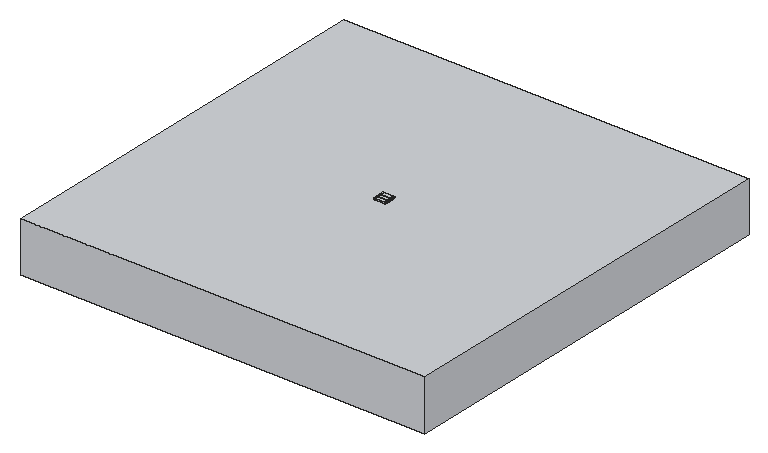
Revit family "Gira_2033112", category Elektroinstallationen, Revit 2017
Family settings
  Basisbauteil = Fläche
  Beschriftungsausrichtung beibehalten = Nein
  Bemaßung runder Anschluss = Durchmesser verwenden
  Teiletyp = Normal
  Beim Laden mit Abzugskörper schneiden = Nein
  Gemeinsam genutzt = Nein
  Raumberechnungspunkt = Nein
Parameters (values of type "KNX Tastsens.3 Komfort 3f Flächenschalter Reinweiß")
  Werkstoffgüte = "Thermoplast"
  Werkstoff Text = "Kunststoff"
  Default Elevation = 1219.2 mm
  URL = "https://www.gira.de/"
  Typname = "KNX Tastsens.3 Komfort 3f Flächenschalter Reinweiß"
  Type Comments = ""
  Transparent = no
  Schutzart (IP) = "IP20"
  RAL-Nummer (ähnlich) = 9010
  Produktseite = "https://media.stage.bim.site/t/eyJhbGciOiJIUzI1NiIsInR5cCI6IkpXVCJ9.eyJjdCI6MiwidHUiOiJodHRwOi8va2F0YWxvZy5naXJhLmRlL2RlX0RFL2RhdGVuYmxhdHQuaHRtbD9hcnRpa2VsbnI9MjAzMzExMiIsImNpZCI6IjMyNzdjYzIzLTgxYTktNGVlMy1hOTBhLWI0N2JiNGMwYjYxNiIsInJpZCI6IjM5MTIxMDgxMzk2MjEyNjFiM2ZlY2Q0M2RjZjQ2MWE0IiwicGlkIjoiNTQzMjllY2M3YjQxZWJlZjMyMDM1NjdiN2Y2MzlkMWI2MTU2NGRhMiIsInNpZCI6IjYzNDcwIiwidXQiOjEsImxjIjoiZGUiLCJpYXQiOjE2MDA5Mzg1NzEsImlzcyI6Imh0dHBzOi8vYXBpLmxpdmUuYmltLnNpdGUiLCJzdWIiOiJhZG1pbkBiaW1zaXRlLmRldiJ9.fNaheB3vvwdJFbLHWcfofg_K_Ci75I9ED6aoB_5du7k"
  Oberfläche Text = "sonstige"
  Montageart = "Unterputz"
  Model = ""
  Mit Raumthermostat = yes
  Mit LED-Anzeige = yes
  Mit Infrarotsensor = no
  Mit Display = no
  Mit Diebstahl-/Demontageschutz = yes
  Mit Busankopplung = no
  Mit Beschriftungsfeld = no
  Kosten = 0
  Hersteller = "Gira"
  HeinzeBIM = "https://www.heinze.de/bim/knx-tastsens-3-komfort-3f-flaechenschalter-reinweiss/54329ecc7b41ebef3203567b7f639d1b61564da2"
  HAN = "2033112"
  GTIN = "4010337081821"
  Farbe = "weiß"
  Datenblatt 1 = "https://media.stage.bim.site/t/eyJhbGciOiJIUzI1NiIsInR5cCI6IkpXVCJ9.eyJjdCI6MSwidGYiOiJwdWJsaWMvZ2lyYS9hZThjNTU3LzIwMzMxMTIudHh0IiwiY2lkIjoiMzI3N2NjMjMtODFhOS00ZWUzLWE5MGEtYjQ3YmI0YzBiNjE2IiwicmlkIjoiMzkxMjEwODEzOTYyMTI2MWIzZmVjZDQzZGNmNDYxYTQiLCJwaWQiOiI1NDMyOWVjYzdiNDFlYmVmMzIwMzU2N2I3ZjYzOWQxYjYxNTY0ZGEyIiwic2lkIjoiNjM0NzAiLCJ1dCI6MSwibGMiOiJkZSIsImlhdCI6MTYwMDkzODU3MSwiaXNzIjoiaHR0cHM6Ly9hcGkubGl2ZS5iaW0uc2l0ZSIsInN1YiI6ImFkbWluQGJpbXNpdGUuZGV2In0.D7CmCvgrqzRjonIv8UgOoVA_u4awH0hQg74x-gqU15c/2033112.txt"
  Datenblatt = "https://media.stage.bim.site/t/eyJhbGciOiJIUzI1NiIsInR5cCI6IkpXVCJ9.eyJjdCI6MSwidHUiOiJodHRwczovL2thdGFsb2cuZ2lyYS5kZS9kZV9ERS9kb3dubG9hZC5odG1sP2FydGlrZWxucj0yMDMzMTEyIiwiY2lkIjoiMzI3N2NjMjMtODFhOS00ZWUzLWE5MGEtYjQ3YmI0YzBiNjE2IiwicmlkIjoiMzkxMjEwODEzOTYyMTI2MWIzZmVjZDQzZGNmNDYxYTQiLCJwaWQiOiI1NDMyOWVjYzdiNDFlYmVmMzIwMzU2N2I3ZjYzOWQxYjYxNTY0ZGEyIiwic2lkIjoiNjM0NzAiLCJ1dCI6MSwibGMiOiJkZSIsImlhdCI6MTYwMDkzODU3MSwiaXNzIjoiaHR0cHM6Ly9hcGkubGl2ZS5iaW0uc2l0ZSIsInN1YiI6ImFkbWluQGJpbXNpdGUuZGV2In0.mwG4J2EMMtgn0Uh5nT756tba56ch5-snC5sDUYDq9uQ"
  Bussystem Powernet = no
  Bussystem LON = no
  Bussystem KNX-Funk = no
  Bussystem KNX = yes
  Bussystem Funkbus = no
  Beschreibung = "KNX Tastsensor 3 Komfort 3fach  Reinweiß glänzend Merkmale:  Montage auf Busankoppler 3.  Demontageschutz durch Verschraubung.  Zwei mehrfarbige Status-LEDs je Bedienfläche.  Integrierter Temperatursensor zum Messen und Weiterleiten der lokalen Raumtemperatur.  Wippen- oder Tastenfunktion für jede Bedienfläche einstellbar.  Wippenfunktion: Schalten, Dimmen, Jalousiesteuerung, Wertgeber 1 Byte, Wertgeber 2 Byte und Szenennebenstelle.  Tastenfunktion: Schalten, Dimmen, Jalousiesteuerung, Wertgeber 1 Byte, Wertgeber 2 Byte, Szenennebenstelle und Raumtemperaturregler-Nebenstelle.  Reglernebenstelle: Betriebsmodusumschaltung mit normaler und hoher Priorität, definierte Wahl eines Betriebsmodus, Wechsel zwischen verschiedenen Betriebsmodi, Wechsel des Präsenzzustands, Sollwertverschiebung.  Sperrobjekt zum Sperren von einzelnen Tasten- bzw. Wippenfunktionen.  Anzeige einer Alarmmeldung durch Blinken sämtlicher LEDs.  Mehrfarbige Status-LED (rot, grün, blau) ist global oder jeweils getrennt konfigurierbar. Über den Bus kann eine überlagerte Funktion aktiviert werden, wodurch Farbe und Anzeigeinformation einzelner Status-LEDs prioritätsbedingt verändert werden können.  Weiße Betriebs-LED.  Betriebs-LED EIN, AUS, automatische Abschaltung oder über Objekt schaltbar.  Kommunikationsobjekt zur Helligkeitssteuerung der Status-LED und Betriebs-LED (z. B. für nächtliche Reduzierung der Helligkeit in Schlafräumen).  Hinweise :  Professionelle Beschriftung über den Gira Beschriftungsservice www.beschriftung.gira.de."
  Assembly Code = ""
  Keynote = ""
  BIMSITE_PRODUCT_ID = "54329ecc7b41ebef3203567b7f639d1b61564da2"
  BIM = "https://media.stage.bim.site/t/eyJhbGciOiJIUzI1NiIsInR5cCI6IkpXVCJ9.eyJjdCI6MSwidGYiOiJwdWJsaWMvZ2lyYS9hZThjNTU3L0tOWCBUYXN0c2Vuc29yIDMgS29tZm9ydCAzZmFjaC5yZmEiLCJjaWQiOiIzMjc3Y2MyMy04MWE5LTRlZTMtYTkwYS1iNDdiYjRjMGI2MTYiLCJyaWQiOiIzOTEyMTA4MTM5NjIxMjYxYjNmZWNkNDNkY2Y0NjFhNCIsInBpZCI6IjU0MzI5ZWNjN2I0MWViZWYzMjAzNTY3YjdmNjM5ZDFiNjE1NjRkYTIiLCJzaWQiOiI2MzQ3MCIsInV0Ijo1LCJsYyI6ImRlIiwiaWF0IjoxNjAwOTM4NTcxLCJpc3MiOiJodHRwczovL2FwaS5saXZlLmJpbS5zaXRlIiwic3ViIjoiYWRtaW5AYmltc2l0ZS5kZXYifQ.tbgIJLRYvfZGBATCFHZGWFGhYRFwuTPEPrq-6oqHQWY/KNX Tastsensor 3 Komfort 3fach.rfa"
  Ausführung der Oberfläche = "glänzend"
  Anzahl der Tasten = 3
  Anzahl der Betätigungspunkte = 6
  Andere Bussysteme = "ohne"
Reference planes
  plane 1 "Center (Front/Back)": y = 0
  plane 2: z = 0
  plane 3 "Center (Left/Right)": x = 0
  plane 4: z = -9.604
Forms (mm)
  Extrusion 1, solid
    sketch origin (0, 0, 0) x (1, 0, 0) y (0, 1, 0)
      loop
        line (-1219.2, 1219.2) -> (-1219.2, -1219.2) -> (1219.2, -1219.2) -> (1219.2, 1219.2) -> (-1219.2, 1219.2)
    from 0 to -304.8
  Extrusion 2, solid, detail levels fine
    sketch origin (0, 0, 0) x (1, 0, 0) y (0, 0, 1)
      loop
        line (-35.204, 3.097) -> (-35.258, 0) -> (-34.021, 0) -> (-33.888, 1.9) -> (33.888, 1.9) -> (34.021, 0) -> (35.258, 0) -> (35.204, 3.097) -> (34.204, 3.884) -> (35.165, 5.362) -> (35.143, 6.6) -> (-35.143, 6.6) -> (-35.165, 5.362) -> (-34.204, 3.884) -> (-35.204, 3.097)
    from -35.386 to -11.985
  Extrusion 3, solid, detail levels fine
    sketch origin (0, 0, 0) x (1, 0, 0) y (0, 0, 1)
      loop
        line (-34.914, -3.101) -> (34.914, -3.101) -> (34.835, -1.601) -> (33.811, -1.601) -> (33.523, 1.699) -> (-33.523, 1.699) -> (-33.811, -1.601) -> (-34.835, -1.601) -> (-34.914, -3.101)
    from -35 to 34.963
  SweptBlend 4, solid, detail levels fine
    path origin (0, 0, 0) x (0, 1, 0) y (0, 0, 1)
      loop
        line (0, -4.751) -> (0, -3.101)
    profile origin (0, 0, -4.751) x (0, -1, 0) y (1, 0, 0)
      loop
        line (-33.684, -33.637) -> (33.649, -33.637) -> (33.649, 33.637) -> (-33.684, 33.637) -> (-33.684, -33.637)
    end profile origin (0, 0, -3.101) x (0, -1, 0) y (1, 0, 0)
      loop
        line (33.94, -33.987) -> (33.94, 33.987) -> (-34.035, 33.987) -> (-34.035, -33.987) -> (33.94, -33.987)
  Extrusion 5, solid, detail levels fine
    sketch origin (0, 0, 0) x (1, 0, 0) y (0, 1, 0)
      loop
        line (-23.957, 19.167) -> (-23.957, 7.073) -> (-25.607, 7.073) -> (-25.607, -7.04) -> (-23.957, -7.04) -> (-23.957, -19.133)
        arc (-23.957, -19.133) -> (-22.549, -22.532) -> (-19.15, -23.94) r 4.807
        line (-19.15, -23.94) -> (19.15, -23.94)
        arc (19.15, -23.94) -> (22.549, -22.532) -> (23.957, -19.133) r 4.807
        line (23.957, -19.133) -> (23.957, -7.04) -> (25.607, -7.04) -> (25.607, 7.073) -> (23.957, 7.073) -> (23.957, 19.167)
        arc (23.957, 19.167) -> (22.549, 22.565) -> (19.15, 23.973) r 4.807
        line (19.15, 23.973) -> (-19.15, 23.973)
        arc (-19.15, 23.973) -> (-22.549, 22.565) -> (-23.957, 19.167) r 4.807
      loop
        line (-23.8, 6.217) -> (-24.95, 6.217) -> (-24.95, -6.183) -> (-23.843, -6.183) -> (-17.1, -3.181) -> (-17.1, 3.214) -> (-23.8, 6.217)
      loop
        line (23.843, 6.217) -> (17.1, 3.214) -> (17.1, -3.181) -> (23.8, -6.183) -> (24.95, -6.183) -> (24.95, 6.217) -> (23.843, 6.217)
    from -4.501 to -7.001
  Extrusion 6, solid, detail levels fine
    sketch origin (0, 0, 0) x (1, 0, 0) y (0, 1, 0)
      loop
        line (18.766, 1.305) -> (18.766, -1.275) -> (21, -2.565) -> (23.234, -1.275) -> (23.234, 1.305) -> (21, 2.595) -> (18.766, 1.305)
      loop
        line (-23.234, 1.305) -> (-23.234, -1.275) -> (-21, -2.565) -> (-18.766, -1.275) -> (-18.766, 1.305) -> (-21, 2.595) -> (-23.234, 1.305)
    from -5.101 to -7.001
  Extrusion 7, solid, detail levels fine
    sketch origin (0, 0, 0) x (1, 0, 0) y (0, 1, 0)
      loop
        line (-6.603, -21.281) -> (-6.603, -15.981) -> (6.603, -15.981) -> (6.603, -21.281) -> (7.397, -21.281) -> (7.397, -15.186) -> (-7.397, -15.186) -> (-7.397, -21.281) -> (-6.603, -21.281)
    from -7.301 to -10.401
  Extrusion 8, solid, detail levels fine
    sketch origin (0, 0, 0) x (1, 0, 0) y (0, 1, 0)
      loop
        line (-8.504, -14.749) -> (-8.504, -22.758) -> (8.504, -22.758) -> (8.504, -14.749) -> (-8.504, -14.749)
      loop
        circle (-5.08, -17.483) r 0.5
      loop
        circle (-2.54, -17.483) r 0.5
      loop
        circle (0, -17.483) r 0.5
      loop
        circle (2.54, -17.483) r 0.5
      loop
        circle (5.08, -17.483) r 0.5
      loop
        circle (5.08, -20.023) r 0.5
      loop
        circle (2.54, -20.023) r 0.5
      loop
        circle (0, -20.023) r 0.5
      loop
        circle (-2.54, -20.023) r 0.5
      loop
        circle (-5.08, -20.023) r 0.5
    from -6.527 to -7.301
  Extrusion 9, solid, detail levels fine
    sketch origin (0, 0, 0) x (1, 0, 0) y (0, 1, 0)
      loop
        line (-6.603, -18.141) -> (-6.603, -15.981) -> (-0.888, -15.981) -> (-0.888, -15.186) -> (-7.397, -15.186) -> (-7.397, -18.141) -> (-6.603, -18.141)
      loop
        line (6.603, -18.141) -> (7.397, -18.141) -> (7.397, -15.186) -> (0.888, -15.186) -> (0.888, -15.981) -> (6.603, -15.981) -> (6.603, -18.141)
    from -10.401 to -15.001
  Extrusion 10, solid, detail levels fine
    sketch origin (0, 0, 0) x (1, 0, 0) y (0, 1, 0)
      loop
        line (-14.008, -23.94) -> (-14.008, -25.541) -> (-12.361, -25.541) -> (-12.361, -24.233) -> (-9.639, -24.233) -> (-9.639, -25.541) -> (-7.992, -25.541) -> (-7.992, -23.94) -> (-14.008, -23.94)
    from -4.501 to -6.101
  Extrusion 11, solid, detail levels fine
    sketch origin (0, 0, 0) x (-1, 0, 0) y (0, -1, 0)
      loop
        line (-14.008, 23.94) -> (-7.992, 23.94) -> (-7.992, 25.541) -> (-9.639, 25.541) -> (-9.639, 24.233) -> (-12.361, 24.233) -> (-12.361, 25.541) -> (-14.008, 25.541) -> (-14.008, 23.94)
    from -4.501 to -6.101
  Extrusion 12, solid, detail levels fine
    sketch origin (0, 0, 0) x (-1, 0, 0) y (0, -1, 0)
      loop
        line (-14.008, -23.867) -> (-14.008, -25.574) -> (-12.361, -25.574) -> (-12.361, -24.233) -> (-9.639, -24.233) -> (-9.639, -25.574) -> (-7.992, -25.574) -> (-7.992, -23.867) -> (-14.008, -23.867)
    from -4.501 to -6.101
  Extrusion 13, solid, detail levels fine
    sketch origin (0, 0, 0) x (1, 0, 0) y (0, 1, 0)
      loop
        line (-14.008, 23.867) -> (-7.992, 23.867) -> (-7.992, 25.574) -> (-9.639, 25.574) -> (-9.639, 24.233) -> (-12.361, 24.233) -> (-12.361, 25.574) -> (-14.008, 25.574) -> (-14.008, 23.867)
    from -4.501 to -6.101
  Revolve 14, solid, detail levels fine
    sketch origin (0, 23.673, 0) x (1, 0, 0) y (0, 0, 1)
      loop
        line (-29, 7) -> (-30.327, 6) -> (-28, 6) -> (-28, 7) -> (-29, 7)
      axis (-28, 7) -> (-28, 6)
    angle from 0 to 360
  Extrusion 15, solid, detail levels coarse
    sketch origin (0, 0, 0) x (1, 0, 0) y (0, 1, 0)
      loop
        line (35.258, 35.386) -> (-35.258, 35.386) -> (-35.258, -35.386) -> (35.258, -35.386) -> (35.258, 35.386)
    from -18.904 to 7
  Extrusion 16, solid, detail levels medium
    sketch origin (0, 0, 0) x (1, 0, 0) y (0, 1, 0)
      loop
        line (35.258, 35.386) -> (-35.258, 35.386) -> (-35.258, 11.985) -> (35.258, 11.985) -> (35.258, 35.386)
    from 0 to 7
  Extrusion 17, solid, detail levels medium
    sketch origin (0, 0, 0) x (1, 0, 0) y (0, 1, 0)
      loop
        line (-34.914, 35.017) -> (-34.914, -34.994) -> (34.914, -34.994) -> (34.914, 35.017) -> (-34.914, 35.017)
    from 0 to -4.754
  Extrusion 18, solid, detail levels medium
    sketch origin (0, 0, 0) x (1, 0, 0) y (0, 1, 0)
      loop
        line (-23.957, 23.973) -> (-23.957, -23.94) -> (23.957, -23.94) -> (23.957, 23.973) -> (-23.957, 23.973)
    from -7.001 to -4.751
  Extrusion 19, solid, detail levels medium
    sketch origin (0, 0, 0) x (1, 0, 0) y (0, 1, 0)
      loop
        line (-7.397, -15.186) -> (-7.397, -21.281) -> (7.397, -21.281) -> (7.397, -15.186) -> (-7.397, -15.186)
    from -15.001 to 0
  Extrusion 20, solid, detail levels fine
    sketch origin (0, 0, 0) x (1, 0, 0) y (0, 0, 1)
      loop
        line (-24.092, -5.101) -> (-25.266, -10.462)
        arc (-25.266, -10.462) -> (-25.344, -11.857) -> (-24.981, -13.206) r 4.4
        line (-24.981, -13.206) -> (-23.425, -16.671) -> (-23.055, -17.494)
        arc (-23.055, -17.494) -> (-22.984, -18.085) -> (-23.262, -18.612) r 1
        arc (-23.262, -18.612) -> (-22.789, -18.919) -> (-22.319, -18.607) r 0.514
        arc (-22.319, -18.607) -> (-22.168, -17.886) -> (-22.326, -17.166) r 1.8
        line (-22.326, -17.166) -> (-22.695, -16.344) -> (-24.252, -12.879)
        arc (-24.252, -12.879) -> (-24.548, -11.775) -> (-24.484, -10.634) r 3.6
        line (-24.484, -10.634) -> (-23.273, -5.101) -> (-24.092, -5.101)
    from -5.999 to -3.15
  Extrusion 21, solid, detail levels fine
    sketch origin (0, 0, 0) x (1, 0, 0) y (0, 0, -1)
      loop
        line (-24.092, 5.101) -> (-23.273, 5.101) -> (-24.484, 10.634)
        arc (-24.484, 10.634) -> (-24.548, 11.775) -> (-24.252, 12.879) r 3.6
        line (-24.252, 12.879) -> (-22.695, 16.344) -> (-22.326, 17.166)
        arc (-22.326, 17.166) -> (-22.168, 17.886) -> (-22.319, 18.607) r 1.8
        arc (-22.319, 18.607) -> (-22.789, 18.919) -> (-23.262, 18.612) r 0.514
        arc (-23.262, 18.612) -> (-22.984, 18.085) -> (-23.055, 17.494) r 1
        line (-23.055, 17.494) -> (-23.425, 16.671) -> (-24.981, 13.206)
        arc (-24.981, 13.206) -> (-25.344, 11.857) -> (-25.266, 10.462) r 4.4
        line (-25.266, 10.462) -> (-24.092, 5.101)
    from -5.999 to -3.15
  Extrusion 22, solid, detail levels fine
    sketch origin (0, 0, 0) x (-1, 0, 0) y (0, 0, -1)
      loop
        line (-24.092, 5.101) -> (-23.273, 5.101) -> (-24.484, 10.634)
        arc (-24.484, 10.634) -> (-24.548, 11.775) -> (-24.252, 12.879) r 3.6
        line (-24.252, 12.879) -> (-22.695, 16.344) -> (-22.326, 17.166)
        arc (-22.326, 17.166) -> (-22.168, 17.886) -> (-22.319, 18.607) r 1.8
        arc (-22.319, 18.607) -> (-22.789, 18.919) -> (-23.262, 18.612) r 0.514
        arc (-23.262, 18.612) -> (-22.984, 18.085) -> (-23.055, 17.494) r 1
        line (-23.055, 17.494) -> (-23.425, 16.671) -> (-24.981, 13.206)
        arc (-24.981, 13.206) -> (-25.344, 11.857) -> (-25.266, 10.462) r 4.4
        line (-25.266, 10.462) -> (-24.092, 5.101)
    from -5.999 to -3.15
  Extrusion 23, solid, detail levels fine
    sketch origin (0, 0, 0) x (-1, 0, 0) y (0, 0, 1)
      loop
        line (-24.092, -5.101) -> (-25.266, -10.462)
        arc (-25.266, -10.462) -> (-25.344, -11.857) -> (-24.981, -13.206) r 4.4
        line (-24.981, -13.206) -> (-23.425, -16.671) -> (-23.055, -17.494)
        arc (-23.055, -17.494) -> (-22.984, -18.085) -> (-23.262, -18.612) r 1
        arc (-23.262, -18.612) -> (-22.789, -18.919) -> (-22.319, -18.607) r 0.514
        arc (-22.319, -18.607) -> (-22.168, -17.886) -> (-22.326, -17.166) r 1.8
        line (-22.326, -17.166) -> (-22.695, -16.344) -> (-24.252, -12.879)
        arc (-24.252, -12.879) -> (-24.548, -11.775) -> (-24.484, -10.634) r 3.6
        line (-24.484, -10.634) -> (-23.273, -5.101) -> (-24.092, -5.101)
    from -5.999 to -3.15
  Extrusion 24, solid, detail levels medium
    sketch origin (0, 0, 0) x (1, 0, 0) y (0, 0, 1)
      loop
        line (-22.422, -18.904) -> (-21.545, -18.904) -> (-24.739, -11.795) -> (-23.273, -5.101) -> (-24.092, -5.101) -> (-25.577, -11.881) -> (-22.422, -18.904)
    from -5.999 to 6
  Extrusion 25, solid, detail levels medium
    sketch origin (0, 0, 0) x (-1, 0, 0) y (0, 0, -1)
      loop
        line (-22.422, 18.904) -> (-25.577, 11.881) -> (-24.092, 5.101) -> (-23.273, 5.101) -> (-24.739, 11.795) -> (-21.545, 18.904) -> (-22.422, 18.904)
    from -5.999 to 6
  Extrusion 26, solid, detail levels fine
    sketch origin (0, 23.685, 0) x (1, 0, 0) y (0, 0, -1)
      loop
        line (-35.204, -3.097) -> (-34.204, -3.884) -> (-35.165, -5.362) -> (-35.143, -6.6) -> (35.143, -6.6) -> (35.165, -5.362) -> (34.204, -3.884) -> (35.204, -3.097) -> (35.258, 0) -> (34.021, 0) -> (33.888, -1.9) -> (-33.888, -1.9) -> (-34.021, 0) -> (-35.258, 0) -> (-35.204, -3.097)
    from -35.386 to -11.985
  Extrusion 27, solid, detail levels medium
    sketch origin (0, 23.701, 0) x (1, 0, 0) y (0, 1, 0)
      loop
        line (35.258, -35.401) -> (35.258, -12) -> (-35.258, -12) -> (-35.258, -35.401) -> (35.258, -35.401)
    from 0 to 7
  Extrusion 28, solid, detail levels fine
    sketch origin (0, 0, 0) x (1, 0, 0) y (0, 1, 0)
      loop
        circle (-22.995, 11.021) r 2
    from -4.501 to -6.601
  Extrusion 29, solid, detail levels fine
    sketch origin (0, 0, 0) x (1, 0, 0) y (0, 1, 0)
      loop
        circle (-22.995, 11.021) r 1.5
    from -6.601 to -9.604
  Extrusion 30, solid, detail levels fine
    sketch origin (0, 0, 0) x (-1, 0, 0) y (0, -1, 0)
      loop
        circle (-22.995, -11.021) r 1.5
    from -6.601 to -9.604
  Extrusion 31, solid, detail levels fine
    sketch origin (0, 0, 0) x (-1, 0, 0) y (0, -1, 0)
      loop
        arc (-23.957, -19.167) -> (-22.549, -22.565) -> (-19.15, -23.973) r 4.807
        line (-19.15, -23.973) -> (19.15, -23.973)
        arc (19.15, -23.973) -> (22.549, -22.565) -> (23.957, -19.167) r 4.807
        line (23.957, -19.167) -> (23.957, -7.073) -> (25.607, -7.073) -> (25.607, 7.04) -> (23.957, 7.04) -> (23.957, 19.133)
        arc (23.957, 19.133) -> (22.549, 22.532) -> (19.15, 23.94) r 4.807
        line (19.15, 23.94) -> (-19.15, 23.94)
        arc (-19.15, 23.94) -> (-22.549, 22.532) -> (-23.957, 19.133) r 4.807
        line (-23.957, 19.133) -> (-23.957, 7.04) -> (-25.607, 7.04) -> (-25.607, -7.073) -> (-23.957, -7.073) -> (-23.957, -19.167)
      loop
        line (-23.8, -6.217) -> (-17.1, -3.214) -> (-17.1, 3.181) -> (-23.843, 6.183) -> (-24.95, 6.183) -> (-24.95, -6.217) -> (-23.8, -6.217)
      loop
        line (23.843, -6.217) -> (24.95, -6.217) -> (24.95, 6.183) -> (23.8, 6.183) -> (17.1, 3.181) -> (17.1, -3.214) -> (23.843, -6.217)
    from -4.501 to -7.001
  Extrusion 32, solid, detail levels fine
    sketch origin (0, 0, 0) x (-1, 0, 0) y (0, -1, 0)
      loop
        circle (-22.995, -11.021) r 2
    from -4.501 to -6.601
  Extrusion 33, solid, detail levels medium
    sketch origin (0, 0, 0) x (-1, 0, 0) y (0, -1, 0)
      loop
        line (-21.495, -12.521) -> (-21.495, -9.521) -> (-24.495, -9.521) -> (-24.495, -12.521) -> (-21.495, -12.521)
    from -4.501 to -9.604
  Extrusion 34, solid, detail levels medium
    sketch origin (0, 0, 0) x (1, 0, 0) y (0, 1, 0)
      loop
        line (-21.495, 12.521) -> (-24.495, 12.521) -> (-24.495, 9.521) -> (-21.495, 9.521) -> (-21.495, 12.521)
    from -4.501 to -9.604
  Extrusion 35, solid, detail levels medium
    sketch origin (0, 0, 0) x (1, 0, 0) y (0, 1, 0)
      loop
        line (35.258, -35.386) -> (35.258, -11.985) -> (-35.258, -11.985) -> (-35.258, -35.386) -> (35.258, -35.386)
    from 0 to 7
  Extrusion 36, solid, detail levels fine
    sketch origin (0, 0, 0) x (1, 0, 0) y (0, 0, -1)
      loop
        line (-35.204, -3.097) -> (-34.204, -3.884) -> (-35.165, -5.362) -> (-35.143, -6.6) -> (35.143, -6.6) -> (35.165, -5.362) -> (34.204, -3.884) -> (35.204, -3.097) -> (35.258, 0) -> (34.021, 0) -> (33.888, -1.9) -> (-33.888, -1.9) -> (-34.021, 0) -> (-35.258, 0) -> (-35.204, -3.097)
    from -35.386 to -11.985
  Revolve 37, solid, detail levels fine
    sketch origin (0, 23.673, 0) x (-1, 0, 0) y (0, 0, -1)
      loop
        line (-29, -7) -> (-28, -7) -> (-28, -6) -> (-30.327, -6) -> (-29, -7)
      axis (-28, -7) -> (-28, -6)
    angle from 0 to 360
  Revolve 38, solid, detail levels fine
    sketch origin (0, -23.673, 0) x (-1, 0, 0) y (0, 0, 1)
      loop
        line (-29, 7) -> (-30.327, 6) -> (-28, 6) -> (-28, 7) -> (-29, 7)
      axis (-28, 7) -> (-28, 6)
    angle from 0 to 360
  Revolve 39, solid, detail levels fine
    sketch origin (0, -23.673, 0) x (1, 0, 0) y (0, 0, -1)
      loop
        line (-29, -7) -> (-28, -7) -> (-28, -6) -> (-30.327, -6) -> (-29, -7)
      axis (-28, -7) -> (-28, -6)
    angle from 0 to 360
  Revolve 40, solid, detail levels fine
    sketch origin (0, 0, 0) x (1, 0, 0) y (0, 0, 1)
      loop
        line (-29, 7) -> (-30.327, 6) -> (-28, 6) -> (-28, 7) -> (-29, 7)
      axis (-28, 7) -> (-28, 6)
    angle from 0 to 360
  Revolve 41, solid, detail levels fine
    sketch origin (0, 0, 0) x (-1, 0, 0) y (0, 0, -1)
      loop
        line (-29, -7) -> (-28, -7) -> (-28, -6) -> (-30.327, -6) -> (-29, -7)
      axis (-28, -7) -> (-28, -6)
    angle from 0 to 360
Lines and regions (mm)
  reference lines
    curve 1: line (-35.258, 0, 0) -> (35.258, 0, 0)
Dimensions and locks
  aligned and locked: plane 2 to Extrusion 1
  aligned and locked: level to Extrusion 1
Connectors
  electrical at (0, -18.753, -7.301)
    settings: on Extrusion 8, index 1, voltage 220 V, apparent load 0 VA, apparent load phase1 0 VA, apparent load phase2 0 VA, apparent load phase3 0 VA, power factor 1, load classification "Other", number of poles 1, system type 31, power factor state 1, is connector primary yes, connector utility no, sub classification motor no, connector description ""
